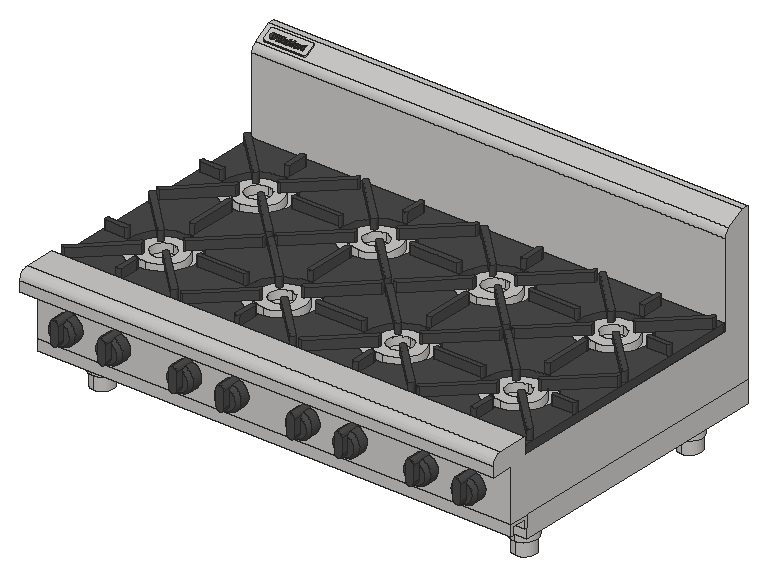
Revit family "QF_MOFFAT WALDORF_RN8800G-B", category Specialty Equipment, Revit 2012
Parameters
  Weight in Pounds = 348.33
  URL Cutsheet = "www.moffat.com"
  URL = "www.moffat.com"
  Type Mark [instance] = ""
  Status [instance] = ""
  Specification by User [instance] = ""
  Specification by Manufacturer = ""
  Show Logo [instance] = yes
  Serial Number = ""
  Seismic Rating = ""
  SMACNA No = ""
  Revision Code [instance] = ""
  Omniclass Number and Title = ""
  NAFEM Spec ID Number = ""
  Model = "RN8800G-B"
  Mechanical Remarks [instance] = ""
  Mechanical Connection Type [instance] = ""
  Masterspec = ""
  Manufacturer = "MOFFAT WALDORF"
  Item Number [instance] = ""
  Installed By [instance] = ""
  Identify Quantity as Lot [instance] = yes
  Gas Size = 3/4"
  Gas RI Height [instance] = 0.0 mm
  Gas KW [instance] = 62.2
  Gas Input [instance] = 212311.0 Btu/h
  Gas Connection Height = 0.0 mm
  Furnished By [instance] = ""
  Foodservice Equipment Identifier [instance] = yes
  Description = "COOK TOP GAS BENCH MOUNT"
  CSI MasterFormat = ""
  CSI Master Format = ""
  Base Height [instance] = 80.0 mm
Reference planes
  plane 1 "BACK": y = 0
  plane 2: z = 0
  plane 3 "LEFT": x = 0
  plane 4 "RIGHT": x = 1200
  plane 5 "FRONT": y = -805
  plane 6 "TOP": z = 530
  plane 7 "Center Y": x = 600
  plane 8 "Center X": y = -402.5
  plane 9 "Base Height": z = 80
  plane 10: x = 65.8
  plane 11: x = 1134
  plane 12: x = 65
Forms (mm)
  Extrusion 1, solid, material "QF_Finishes_Stainless Steel"
    sketch origin (0, 0, 0) x (0, 1, 0) y (0, 0, 1)
      loop
        line (-805, 291) -> (-805, 266) -> (-749, 266) -> (-749, 135) -> (0, 135) -> (0, 530) -> (-16.5, 530) -> (-58.709, 505.631)
        arc (-58.709, 505.631) -> (-66.975, 497.365) -> (-70, 486.074) r 22.582
        line (-70, 486.074) -> (-70, 275) -> (-705, 275) -> (-705, 315) -> (-781, 315)
        arc (-781, 315) -> (-797.971, 307.971) -> (-805, 291) r 24
      loop
        line (0, 80) -> (0, 134.206) -> (-699, 134.206) -> (-699, 80) -> (0, 80)
      loop
        line (-749, 134.206) -> (-749, 107.019) -> (-742.6, 107.019) -> (-742.6, 127.806) -> (-706.4, 127.806) -> (-706.4, 107.019) -> (-700, 107.019) -> (-700, 134.206) -> (-749, 134.206)
    from 0 to 1200
  Revolve 2, solid, material "QF_Finishes_Stainless Steel"
    sketch origin (1134, -210, 0) x (0, 1, 0) y (0, 0, -1)
      loop
        line (78.25, -80) -> (110, -80) -> (110, 0) -> (82.5, 0) -> (82.5, -35) -> (78.25, -35) -> (78.25, -80)
      axis (110, -80) -> (110, 0)
    angle from 0 to 360
  Revolve 3, solid, material "QF_Finishes_Stainless Steel"
    sketch origin (65, -210, 0) x (0, 1, 0) y (0, 0, 1)
      loop
        line (78.25, 80) -> (78.25, 35) -> (82.5, 35) -> (82.5, 0) -> (110, 0) -> (110, 80) -> (78.25, 80)
      axis (110, 80) -> (110, 0)
    angle from 0 to 360
  Revolve 4, solid, material "QF_Finishes_Black"
    sketch origin (210, 0, 0) x (0, -1, 0) y (0, 0, 1)
      loop
        line (782, 229.605) -> (759, 229.605) -> (759, 202.105) -> (749, 202.105) -> (749, 197.105) -> (793, 197.105) -> (793, 223.757) -> (782, 229.605)
      axis (793, 197.105) -> (749, 197.105)
    angle from 0 to 360
  Extrusion 5, solid, material "QF_Finishes_Black"
    sketch origin (-78.431, 0, -103.997) x (1, 0, 0) y (0, 0, 1)
      loop
        line (298.431, 289) -> (298.431, 327.997)
        arc (298.431, 327.997) -> (288.431, 337.997) -> (278.431, 327.997) r 10
        line (278.431, 327.997) -> (278.431, 289)
        arc (278.431, 289) -> (288.431, 279) -> (298.431, 289) r 10
    from 759 to 808
  Extrusion 6, solid, material "QF_Finishes_Stainless Steel"
    sketch origin (705, 3, -500) x (1, 0, 0) y (0, 1, 0)
      loop
        circle (365, -35) r 13.5
    from 555 to 580
  Revolve 7, solid, material "QF_Finishes_Black"
    sketch origin (89.999, 0, -0.127) x (0, 1, 0) y (0, 0, -1)
      loop
        line (-782, -229.5) -> (-759, -229.5) -> (-759, -202) -> (-749, -202) -> (-749, -197) -> (-793, -197) -> (-793, -223.651) -> (-782, -229.5)
      axis (-793, -197) -> (-749, -197)
    angle from 0 to 360
  Extrusion 8, solid, material "QF_Finishes_Black"
    sketch origin (228.269, 0, 0.031) x (-1, 0, 0) y (0, 0, -1)
      loop
        arc (148.269, -184.969) -> (138.269, -174.969) -> (128.269, -184.969) r 10
        line (128.269, -184.969) -> (128.269, -223.969)
        arc (128.269, -223.969) -> (138.269, -233.969) -> (148.269, -223.969) r 10
        line (148.269, -223.969) -> (148.269, -184.969)
    from 759 to 808
  Extrusion 9, solid, material "QF_Finishes_Black"
    sketch origin (0, -70, 275) x (0, -1, 0) y (1, 0, 0)
      loop
        arc (1, 4) -> (1.879, 1.879) -> (4, 1) r 3
        line (4, 1) -> (631, 1)
        arc (631, 1) -> (633.121, 1.879) -> (634, 4) r 3
        line (634, 4) -> (634, 1196)
        arc (634, 1196) -> (633.121, 1198.121) -> (631, 1199) r 3
        line (631, 1199) -> (4, 1199)
        arc (4, 1199) -> (1.879, 1198.121) -> (1, 1196) r 3
        line (1, 1196) -> (1, 4)
      loop
        circle (167.5, 150) r 84.082
      loop
        circle (467.5, 150) r 84.082
      loop
        circle (467.5, 1050) r 84.082
      loop
        circle (167.5, 1050) r 84.082
      loop
        circle (167.5, 450) r 84.082
      loop
        circle (467.5, 450) r 84.082
      loop
        circle (167.5, 750) r 84.082
      loop
        circle (467.5, 750) r 84.082
    from 0 to 19.5
  Extrusion 10, solid, material "QF_Finishes_Black"
    sketch origin (0, -70, 294.5) x (0, -1, 0) y (1, 0, 0)
      loop
        spline (323.602, 15.153) -> (322.681, 13.924) -> (322.131, 12.47) -> (321.99, 10.89) -> (322.267, 9.292) -> (322.943, 7.786) -> (323.973, 6.473) -> (325.286, 5.443) -> (326.792, 4.767) -> (328.39, 4.49) -> (329.97, 4.631) -> (331.424, 5.181) -> (332.653, 6.102)
        line (332.653, 6.102) -> (440.576, 114.025)
        spline (440.576, 114.025) -> (441.337, 115.095) -> (441.738, 116.399) -> (441.751, 117.851) -> (441.375, 119.35) -> (440.637, 120.795) -> (439.586, 122.086) -> (438.295, 123.137) -> (436.85, 123.875) -> (435.351, 124.251) -> (433.899, 124.238) -> (432.595, 123.837) -> (431.525, 123.076)
        line (431.525, 123.076) -> (323.602, 15.153)
      loop
        spline (259.398, 156.4) -> (258.104, 156.182) -> (256.898, 155.543) -> (255.862, 154.525) -> (255.068, 153.2) -> (254.568, 151.656) -> (254.398, 150) -> (254.568, 148.344) -> (255.068, 146.8) -> (255.862, 145.475) -> (256.898, 144.457) -> (258.104, 143.818) -> (259.398, 143.6)
        line (259.398, 143.6) -> (375.602, 143.6)
        spline (375.602, 143.6) -> (376.896, 143.818) -> (378.102, 144.457) -> (379.138, 145.475) -> (379.932, 146.8) -> (380.432, 148.344) -> (380.602, 150) -> (380.432, 151.656) -> (379.932, 153.2) -> (379.138, 154.525) -> (378.102, 155.543) -> (376.896, 156.182) -> (375.602, 156.4)
        line (375.602, 156.4) -> (259.398, 156.4)
      loop
        spline (608.602, 143.6) -> (609.896, 143.818) -> (611.102, 144.457) -> (612.138, 145.475) -> (612.932, 146.8) -> (613.432, 148.344) -> (613.602, 150) -> (613.432, 151.656) -> (612.932, 153.2) -> (612.138, 154.525) -> (611.102, 155.543) -> (609.896, 156.182) -> (608.602, 156.4)
        line (608.602, 156.4) -> (559.398, 156.4)
        spline (559.398, 156.4) -> (558.104, 156.182) -> (556.898, 155.543) -> (555.862, 154.525) -> (555.068, 153.2) -> (554.568, 151.656) -> (554.398, 150) -> (554.568, 148.344) -> (555.068, 146.8) -> (555.862, 145.475) -> (556.898, 144.457) -> (558.104, 143.818) -> (559.398, 143.6)
        line (559.398, 143.6) -> (608.602, 143.6)
      loop
        line (611.398, 15.153) -> (503.475, 123.076)
        spline (503.475, 123.076) -> (502.405, 123.837) -> (501.101, 124.238) -> (499.649, 124.251) -> (498.15, 123.875) -> (496.705, 123.137) -> (495.414, 122.086) -> (494.363, 120.795) -> (493.625, 119.35) -> (493.249, 117.851) -> (493.262, 116.399) -> (493.663, 115.095) -> (494.424, 114.025)
        line (494.424, 114.025) -> (602.347, 6.102)
        spline (602.347, 6.102) -> (603.416, 5.341) -> (604.721, 4.941) -> (606.172, 4.928) -> (607.671, 5.303) -> (609.116, 6.041) -> (610.408, 7.092) -> (611.459, 8.384) -> (612.197, 9.829) -> (612.572, 11.328) -> (612.559, 12.779) -> (612.159, 14.084) -> (611.398, 15.153)
      loop
        line (473.9, 8.898) -> (473.9, 58.102)
        spline (473.9, 58.102) -> (473.682, 59.396) -> (473.043, 60.602) -> (472.025, 61.638) -> (470.7, 62.432) -> (469.156, 62.932) -> (467.5, 63.102) -> (465.844, 62.932) -> (464.3, 62.432) -> (462.975, 61.638) -> (461.957, 60.602) -> (461.318, 59.396) -> (461.1, 58.102)
        line (461.1, 58.102) -> (461.1, 8.898)
        spline (461.1, 8.898) -> (461.318, 7.604) -> (461.957, 6.398) -> (462.975, 5.362) -> (464.3, 4.568) -> (465.844, 4.068) -> (467.5, 3.898) -> (469.156, 4.068) -> (470.7, 4.568) -> (472.025, 5.362) -> (473.043, 6.398) -> (473.682, 7.604) -> (473.9, 8.898)
      loop
        spline (23.602, 15.153) -> (22.681, 13.924) -> (22.131, 12.47) -> (21.99, 10.89) -> (22.267, 9.292) -> (22.943, 7.786) -> (23.973, 6.473) -> (25.286, 5.443) -> (26.792, 4.767) -> (28.39, 4.49) -> (29.97, 4.631) -> (31.424, 5.181) -> (32.653, 6.102)
        line (32.653, 6.102) -> (140.576, 114.025)
        spline (140.576, 114.025) -> (141.337, 115.095) -> (141.738, 116.399) -> (141.751, 117.851) -> (141.375, 119.35) -> (140.637, 120.795) -> (139.586, 122.086) -> (138.295, 123.137) -> (136.85, 123.875) -> (135.351, 124.251) -> (133.899, 124.238) -> (132.595, 123.837) -> (131.525, 123.076)
        line (131.525, 123.076) -> (23.602, 15.153)
      loop
        spline (26.398, 156.4) -> (25.104, 156.182) -> (23.898, 155.543) -> (22.862, 154.525) -> (22.068, 153.2) -> (21.568, 151.656) -> (21.398, 150) -> (21.568, 148.344) -> (22.068, 146.8) -> (22.862, 145.475) -> (23.898, 144.457) -> (25.104, 143.818) -> (26.398, 143.6)
        line (26.398, 143.6) -> (75.602, 143.6)
        spline (75.602, 143.6) -> (76.896, 143.818) -> (78.102, 144.457) -> (79.138, 145.475) -> (79.932, 146.8) -> (80.432, 148.344) -> (80.602, 150) -> (80.432, 151.656) -> (79.932, 153.2) -> (79.138, 154.525) -> (78.102, 155.543) -> (76.896, 156.182) -> (75.602, 156.4)
        line (75.602, 156.4) -> (26.398, 156.4)
      loop
        line (311.398, 15.153) -> (203.475, 123.076)
        spline (203.475, 123.076) -> (202.405, 123.837) -> (201.101, 124.238) -> (199.649, 124.251) -> (198.15, 123.875) -> (196.705, 123.137) -> (195.414, 122.086) -> (194.363, 120.795) -> (193.625, 119.35) -> (193.249, 117.851) -> (193.262, 116.399) -> (193.663, 115.095) -> (194.424, 114.025)
        line (194.424, 114.025) -> (302.347, 6.102)
        spline (302.347, 6.102) -> (303.416, 5.341) -> (304.721, 4.941) -> (306.172, 4.928) -> (307.671, 5.303) -> (309.116, 6.041) -> (310.408, 7.092) -> (311.459, 8.384) -> (312.197, 9.829) -> (312.572, 11.328) -> (312.559, 12.779) -> (312.159, 14.084) -> (311.398, 15.153)
      loop
        line (173.9, 8.898) -> (173.9, 58.102)
        spline (173.9, 58.102) -> (173.682, 59.396) -> (173.043, 60.602) -> (172.025, 61.638) -> (170.7, 62.432) -> (169.156, 62.932) -> (167.5, 63.102) -> (165.844, 62.932) -> (164.3, 62.432) -> (162.975, 61.638) -> (161.957, 60.602) -> (161.318, 59.396) -> (161.1, 58.102)
        line (161.1, 58.102) -> (161.1, 8.898)
        spline (161.1, 8.898) -> (161.318, 7.604) -> (161.957, 6.398) -> (162.975, 5.362) -> (164.3, 4.568) -> (165.844, 4.068) -> (167.5, 3.898) -> (169.156, 4.068) -> (170.7, 4.568) -> (172.025, 5.362) -> (173.043, 6.398) -> (173.682, 7.604) -> (173.9, 8.898)
      loop
        line (323.602, 284.847) -> (431.525, 176.924)
        spline (431.525, 176.924) -> (432.595, 176.163) -> (433.899, 175.762) -> (435.351, 175.749) -> (436.85, 176.125) -> (438.295, 176.863) -> (439.586, 177.914) -> (440.637, 179.205) -> (441.375, 180.65) -> (441.751, 182.149) -> (441.738, 183.601) -> (441.337, 184.905) -> (440.576, 185.975)
        line (440.576, 185.975) -> (332.653, 293.898)
        spline (332.653, 293.898) -> (331.424, 294.819) -> (329.97, 295.369) -> (328.39, 295.51) -> (326.792, 295.233) -> (325.286, 294.557) -> (323.973, 293.527) -> (322.943, 292.214) -> (322.267, 290.708) -> (321.99, 289.11) -> (322.131, 287.53) -> (322.681, 286.076) -> (323.602, 284.847)
      loop
        spline (611.398, 284.847) -> (612.159, 285.916) -> (612.559, 287.221) -> (612.572, 288.672) -> (612.197, 290.171) -> (611.459, 291.616) -> (610.408, 292.908) -> (609.116, 293.959) -> (607.671, 294.697) -> (606.172, 295.072) -> (604.721, 295.059) -> (603.416, 294.659) -> (602.347, 293.898)
        line (602.347, 293.898) -> (494.424, 185.975)
        spline (494.424, 185.975) -> (493.663, 184.905) -> (493.262, 183.601) -> (493.249, 182.149) -> (493.625, 180.65) -> (494.363, 179.205) -> (495.414, 177.914) -> (496.705, 176.863) -> (498.15, 176.125) -> (499.649, 175.749) -> (501.101, 175.762) -> (502.405, 176.163) -> (503.475, 176.924)
        line (503.475, 176.924) -> (611.398, 284.847)
      loop
        spline (461.1, 241.898) -> (461.318, 240.604) -> (461.957, 239.398) -> (462.975, 238.362) -> (464.3, 237.568) -> (465.844, 237.068) -> (467.5, 236.898) -> (469.156, 237.068) -> (470.7, 237.568) -> (472.025, 238.362) -> (473.043, 239.398) -> (473.682, 240.604) -> (473.9, 241.898)
        line (473.9, 241.898) -> (473.9, 358.102)
        spline (473.9, 358.102) -> (473.682, 359.396) -> (473.043, 360.602) -> (472.025, 361.638) -> (470.7, 362.432) -> (469.156, 362.932) -> (467.5, 363.102) -> (465.844, 362.932) -> (464.3, 362.432) -> (462.975, 361.638) -> (461.957, 360.602) -> (461.318, 359.396) -> (461.1, 358.102)
        line (461.1, 358.102) -> (461.1, 241.898)
      loop
        line (23.602, 284.847) -> (131.525, 176.924)
        spline (131.525, 176.924) -> (132.595, 176.163) -> (133.899, 175.762) -> (135.351, 175.749) -> (136.85, 176.125) -> (138.295, 176.863) -> (139.586, 177.914) -> (140.637, 179.205) -> (141.375, 180.65) -> (141.751, 182.149) -> (141.738, 183.601) -> (141.337, 184.905) -> (140.576, 185.975)
        line (140.576, 185.975) -> (32.653, 293.898)
        spline (32.653, 293.898) -> (31.424, 294.819) -> (29.97, 295.369) -> (28.39, 295.51) -> (26.792, 295.233) -> (25.286, 294.557) -> (23.973, 293.527) -> (22.943, 292.214) -> (22.267, 290.708) -> (21.99, 289.11) -> (22.131, 287.53) -> (22.681, 286.076) -> (23.602, 284.847)
      loop
        spline (311.398, 284.847) -> (312.159, 285.916) -> (312.559, 287.221) -> (312.572, 288.672) -> (312.197, 290.171) -> (311.459, 291.616) -> (310.408, 292.908) -> (309.116, 293.959) -> (307.671, 294.697) -> (306.172, 295.072) -> (304.721, 295.059) -> (303.416, 294.659) -> (302.347, 293.898)
        line (302.347, 293.898) -> (194.424, 185.975)
        spline (194.424, 185.975) -> (193.663, 184.905) -> (193.262, 183.601) -> (193.249, 182.149) -> (193.625, 180.65) -> (194.363, 179.205) -> (195.414, 177.914) -> (196.705, 176.863) -> (198.15, 176.125) -> (199.649, 175.749) -> (201.101, 175.762) -> (202.405, 176.163) -> (203.475, 176.924)
        line (203.475, 176.924) -> (311.398, 284.847)
      loop
        spline (173.9, 358.102) -> (173.682, 359.396) -> (173.043, 360.602) -> (172.025, 361.638) -> (170.7, 362.432) -> (169.156, 362.932) -> (167.5, 363.102) -> (165.844, 362.932) -> (164.3, 362.432) -> (162.975, 361.638) -> (161.957, 360.602) -> (161.318, 359.396) -> (161.1, 358.102)
        line (161.1, 358.102) -> (161.1, 241.898)
        spline (161.1, 241.898) -> (161.318, 240.604) -> (161.957, 239.398) -> (162.975, 238.362) -> (164.3, 237.568) -> (165.844, 237.068) -> (167.5, 236.898) -> (169.156, 237.068) -> (170.7, 237.568) -> (172.025, 238.362) -> (173.043, 239.398) -> (173.682, 240.604) -> (173.9, 241.898)
        line (173.9, 241.898) -> (173.9, 358.102)
      loop
        spline (323.602, 315.153) -> (322.681, 313.924) -> (322.131, 312.47) -> (321.99, 310.89) -> (322.267, 309.292) -> (322.943, 307.786) -> (323.973, 306.473) -> (325.286, 305.443) -> (326.792, 304.767) -> (328.39, 304.49) -> (329.97, 304.631) -> (331.424, 305.181) -> (332.653, 306.102)
        line (332.653, 306.102) -> (440.576, 414.025)
        spline (440.576, 414.025) -> (441.337, 415.095) -> (441.738, 416.399) -> (441.751, 417.851) -> (441.375, 419.35) -> (440.637, 420.795) -> (439.586, 422.086) -> (438.295, 423.137) -> (436.85, 423.875) -> (435.351, 424.251) -> (433.899, 424.238) -> (432.595, 423.837) -> (431.525, 423.076)
        line (431.525, 423.076) -> (323.602, 315.153)
      loop
        spline (259.398, 456.4) -> (258.104, 456.182) -> (256.898, 455.543) -> (255.862, 454.525) -> (255.068, 453.2) -> (254.568, 451.656) -> (254.398, 450) -> (254.568, 448.344) -> (255.068, 446.8) -> (255.862, 445.475) -> (256.898, 444.457) -> (258.104, 443.818) -> (259.398, 443.6)
        line (259.398, 443.6) -> (375.602, 443.6)
        spline (375.602, 443.6) -> (376.896, 443.818) -> (378.102, 444.457) -> (379.138, 445.475) -> (379.932, 446.8) -> (380.432, 448.344) -> (380.602, 450) -> (380.432, 451.656) -> (379.932, 453.2) -> (379.138, 454.525) -> (378.102, 455.543) -> (376.896, 456.182) -> (375.602, 456.4)
        line (375.602, 456.4) -> (259.398, 456.4)
      loop
        spline (608.602, 443.6) -> (609.896, 443.818) -> (611.102, 444.457) -> (612.138, 445.475) -> (612.932, 446.8) -> (613.432, 448.344) -> (613.602, 450) -> (613.432, 451.656) -> (612.932, 453.2) -> (612.138, 454.525) -> (611.102, 455.543) -> (609.896, 456.182) -> (608.602, 456.4)
        line (608.602, 456.4) -> (559.398, 456.4)
        spline (559.398, 456.4) -> (558.104, 456.182) -> (556.898, 455.543) -> (555.862, 454.525) -> (555.068, 453.2) -> (554.568, 451.656) -> (554.398, 450) -> (554.568, 448.344) -> (555.068, 446.8) -> (555.862, 445.475) -> (556.898, 444.457) -> (558.104, 443.818) -> (559.398, 443.6)
        line (559.398, 443.6) -> (608.602, 443.6)
      loop
        line (611.398, 315.153) -> (503.475, 423.076)
        spline (503.475, 423.076) -> (502.405, 423.837) -> (501.101, 424.238) -> (499.649, 424.251) -> (498.15, 423.875) -> (496.705, 423.137) -> (495.414, 422.086) -> (494.363, 420.795) -> (493.625, 419.35) -> (493.249, 417.851) -> (493.262, 416.399) -> (493.663, 415.095) -> (494.424, 414.025)
        line (494.424, 414.025) -> (602.347, 306.102)
        spline (602.347, 306.102) -> (603.416, 305.341) -> (604.721, 304.941) -> (606.172, 304.928) -> (607.671, 305.303) -> (609.116, 306.041) -> (610.408, 307.092) -> (611.459, 308.384) -> (612.197, 309.829) -> (612.572, 311.328) -> (612.559, 312.779) -> (612.159, 314.084) -> (611.398, 315.153)
      loop
        spline (23.602, 315.153) -> (22.681, 313.924) -> (22.131, 312.47) -> (21.99, 310.89) -> (22.267, 309.292) -> (22.943, 307.786) -> (23.973, 306.473) -> (25.286, 305.443) -> (26.792, 304.767) -> (28.39, 304.49) -> (29.97, 304.631) -> (31.424, 305.181) -> (32.653, 306.102)
        line (32.653, 306.102) -> (140.576, 414.025)
        spline (140.576, 414.025) -> (141.337, 415.095) -> (141.738, 416.399) -> (141.751, 417.851) -> (141.375, 419.35) -> (140.637, 420.795) -> (139.586, 422.086) -> (138.295, 423.137) -> (136.85, 423.875) -> (135.351, 424.251) -> (133.899, 424.238) -> (132.595, 423.837) -> (131.525, 423.076)
        line (131.525, 423.076) -> (23.602, 315.153)
      loop
        spline (26.398, 456.4) -> (25.104, 456.182) -> (23.898, 455.543) -> (22.862, 454.525) -> (22.068, 453.2) -> (21.568, 451.656) -> (21.398, 450) -> (21.568, 448.344) -> (22.068, 446.8) -> (22.862, 445.475) -> (23.898, 444.457) -> (25.104, 443.818) -> (26.398, 443.6)
        line (26.398, 443.6) -> (75.602, 443.6)
        spline (75.602, 443.6) -> (76.896, 443.818) -> (78.102, 444.457) -> (79.138, 445.475) -> (79.932, 446.8) -> (80.432, 448.344) -> (80.602, 450) -> (80.432, 451.656) -> (79.932, 453.2) -> (79.138, 454.525) -> (78.102, 455.543) -> (76.896, 456.182) -> (75.602, 456.4)
        line (75.602, 456.4) -> (26.398, 456.4)
      loop
        line (311.398, 315.153) -> (203.475, 423.076)
        spline (203.475, 423.076) -> (202.405, 423.837) -> (201.101, 424.238) -> (199.649, 424.251) -> (198.15, 423.875) -> (196.705, 423.137) -> (195.414, 422.086) -> (194.363, 420.795) -> (193.625, 419.35) -> (193.249, 417.851) -> (193.262, 416.399) -> (193.663, 415.095) -> (194.424, 414.025)
        line (194.424, 414.025) -> (302.347, 306.102)
        spline (302.347, 306.102) -> (303.416, 305.341) -> (304.721, 304.941) -> (306.172, 304.928) -> (307.671, 305.303) -> (309.116, 306.041) -> (310.408, 307.092) -> (311.459, 308.384) -> (312.197, 309.829) -> (312.572, 311.328) -> (312.559, 312.779) -> (312.159, 314.084) -> (311.398, 315.153)
      loop
        line (323.602, 584.847) -> (431.525, 476.924)
        spline (431.525, 476.924) -> (432.595, 476.163) -> (433.899, 475.762) -> (435.351, 475.749) -> (436.85, 476.125) -> (438.295, 476.863) -> (439.586, 477.914) -> (440.637, 479.205) -> (441.375, 480.65) -> (441.751, 482.149) -> (441.738, 483.601) -> (441.337, 484.905) -> (440.576, 485.975)
        line (440.576, 485.975) -> (332.653, 593.898)
        spline (332.653, 593.898) -> (331.424, 594.819) -> (329.97, 595.369) -> (328.39, 595.51) -> (326.792, 595.233) -> (325.286, 594.557) -> (323.973, 593.527) -> (322.943, 592.214) -> (322.267, 590.708) -> (321.99, 589.11) -> (322.131, 587.53) -> (322.681, 586.076) -> (323.602, 584.847)
      loop
        spline (611.398, 584.847) -> (612.159, 585.916) -> (612.559, 587.221) -> (612.572, 588.672) -> (612.197, 590.171) -> (611.459, 591.616) -> (610.408, 592.908) -> (609.116, 593.959) -> (607.671, 594.697) -> (606.172, 595.072) -> (604.721, 595.059) -> (603.416, 594.659) -> (602.347, 593.898)
        line (602.347, 593.898) -> (494.424, 485.975)
        spline (494.424, 485.975) -> (493.663, 484.905) -> (493.262, 483.601) -> (493.249, 482.149) -> (493.625, 480.65) -> (494.363, 479.205) -> (495.414, 477.914) -> (496.705, 476.863) -> (498.15, 476.125) -> (499.649, 475.749) -> (501.101, 475.762) -> (502.405, 476.163) -> (503.475, 476.924)
        line (503.475, 476.924) -> (611.398, 584.847)
      loop
        spline (473.9, 658.102) -> (473.682, 659.396) -> (473.043, 660.602) -> (472.025, 661.638) -> (470.7, 662.432) -> (469.156, 662.932) -> (467.5, 663.102) -> (465.844, 662.932) -> (464.3, 662.432) -> (462.975, 661.638) -> (461.957, 660.602) -> (461.318, 659.396) -> (461.1, 658.102)
        line (461.1, 658.102) -> (461.1, 541.898)
        spline (461.1, 541.898) -> (461.318, 540.604) -> (461.957, 539.398) -> (462.975, 538.362) -> (464.3, 537.568) -> (465.844, 537.068) -> (467.5, 536.898) -> (469.156, 537.068) -> (470.7, 537.568) -> (472.025, 538.362) -> (473.043, 539.398) -> (473.682, 540.604) -> (473.9, 541.898)
        line (473.9, 541.898) -> (473.9, 658.102)
      loop
        line (23.602, 584.847) -> (131.525, 476.924)
        spline (131.525, 476.924) -> (132.595, 476.163) -> (133.899, 475.762) -> (135.351, 475.749) -> (136.85, 476.125) -> (138.295, 476.863) -> (139.586, 477.914) -> (140.637, 479.205) -> (141.375, 480.65) -> (141.751, 482.149) -> (141.738, 483.601) -> (141.337, 484.905) -> (140.576, 485.975)
        line (140.576, 485.975) -> (32.653, 593.898)
        spline (32.653, 593.898) -> (31.424, 594.819) -> (29.97, 595.369) -> (28.39, 595.51) -> (26.792, 595.233) -> (25.286, 594.557) -> (23.973, 593.527) -> (22.943, 592.214) -> (22.267, 590.708) -> (21.99, 589.11) -> (22.131, 587.53) -> (22.681, 586.076) -> (23.602, 584.847)
      loop
        spline (311.398, 584.847) -> (312.159, 585.916) -> (312.559, 587.221) -> (312.572, 588.672) -> (312.197, 590.171) -> (311.459, 591.616) -> (310.408, 592.908) -> (309.116, 593.959) -> (307.671, 594.697) -> (306.172, 595.072) -> (304.721, 595.059) -> (303.416, 594.659) -> (302.347, 593.898)
        line (302.347, 593.898) -> (194.424, 485.975)
        spline (194.424, 485.975) -> (193.663, 484.905) -> (193.262, 483.601) -> (193.249, 482.149) -> (193.625, 480.65) -> (194.363, 479.205) -> (195.414, 477.914) -> (196.705, 476.863) -> (198.15, 476.125) -> (199.649, 475.749) -> (201.101, 475.762) -> (202.405, 476.163) -> (203.475, 476.924)
        line (203.475, 476.924) -> (311.398, 584.847)
      loop
        spline (173.9, 658.102) -> (173.682, 659.396) -> (173.043, 660.602) -> (172.025, 661.638) -> (170.7, 662.432) -> (169.156, 662.932) -> (167.5, 663.102) -> (165.844, 662.932) -> (164.3, 662.432) -> (162.975, 661.638) -> (161.957, 660.602) -> (161.318, 659.396) -> (161.1, 658.102)
        line (161.1, 658.102) -> (161.1, 541.898)
        spline (161.1, 541.898) -> (161.318, 540.604) -> (161.957, 539.398) -> (162.975, 538.362) -> (164.3, 537.568) -> (165.844, 537.068) -> (167.5, 536.898) -> (169.156, 537.068) -> (170.7, 537.568) -> (172.025, 538.362) -> (173.043, 539.398) -> (173.682, 540.604) -> (173.9, 541.898)
        line (173.9, 541.898) -> (173.9, 658.102)
      loop
        line (323.602, 1184.847) -> (431.525, 1076.924)
        spline (431.525, 1076.924) -> (432.595, 1076.163) -> (433.899, 1075.762) -> (435.351, 1075.749) -> (436.85, 1076.125) -> (438.295, 1076.863) -> (439.586, 1077.914) -> (440.637, 1079.205) -> (441.375, 1080.65) -> (441.751, 1082.149) -> (441.738, 1083.601) -> (441.337, 1084.905) -> (440.576, 1085.975)
        line (440.576, 1085.975) -> (332.653, 1193.898)
        spline (332.653, 1193.898) -> (331.424, 1194.819) -> (329.97, 1195.369) -> (328.39, 1195.51) -> (326.792, 1195.233) -> (325.286, 1194.557) -> (323.973, 1193.527) -> (322.943, 1192.214) -> (322.267, 1190.708) -> (321.99, 1189.11) -> (322.131, 1187.53) -> (322.681, 1186.076) -> (323.602, 1184.847)
      loop
        line (259.398, 1043.6) -> (375.602, 1043.6)
        spline (375.602, 1043.6) -> (376.896, 1043.818) -> (378.102, 1044.457) -> (379.138, 1045.475) -> (379.932, 1046.8) -> (380.432, 1048.344) -> (380.602, 1050) -> (380.432, 1051.656) -> (379.932, 1053.2) -> (379.138, 1054.525) -> (378.102, 1055.543) -> (376.896, 1056.182) -> (375.602, 1056.4)
        line (375.602, 1056.4) -> (259.398, 1056.4)
        spline (259.398, 1056.4) -> (258.104, 1056.182) -> (256.898, 1055.543) -> (255.862, 1054.525) -> (255.068, 1053.2) -> (254.568, 1051.656) -> (254.398, 1050) -> (254.568, 1048.344) -> (255.068, 1046.8) -> (255.862, 1045.475) -> (256.898, 1044.457) -> (258.104, 1043.818) -> (259.398, 1043.6)
      loop
        line (608.602, 1056.4) -> (559.398, 1056.4)
        spline (559.398, 1056.4) -> (558.104, 1056.182) -> (556.898, 1055.543) -> (555.862, 1054.525) -> (555.068, 1053.2) -> (554.568, 1051.656) -> (554.398, 1050) -> (554.568, 1048.344) -> (555.068, 1046.8) -> (555.862, 1045.475) -> (556.898, 1044.457) -> (558.104, 1043.818) -> (559.398, 1043.6)
        line (559.398, 1043.6) -> (608.602, 1043.6)
        spline (608.602, 1043.6) -> (609.896, 1043.818) -> (611.102, 1044.457) -> (612.138, 1045.475) -> (612.932, 1046.8) -> (613.432, 1048.344) -> (613.602, 1050) -> (613.432, 1051.656) -> (612.932, 1053.2) -> (612.138, 1054.525) -> (611.102, 1055.543) -> (609.896, 1056.182) -> (608.602, 1056.4)
      loop
        spline (611.398, 1184.847) -> (612.159, 1185.916) -> (612.559, 1187.221) -> (612.572, 1188.672) -> (612.197, 1190.171) -> (611.459, 1191.616) -> (610.408, 1192.908) -> (609.116, 1193.959) -> (607.671, 1194.697) -> (606.172, 1195.072) -> (604.721, 1195.059) -> (603.416, 1194.659) -> (602.347, 1193.898)
        line (602.347, 1193.898) -> (494.424, 1085.975)
        spline (494.424, 1085.975) -> (493.663, 1084.905) -> (493.262, 1083.601) -> (493.249, 1082.149) -> (493.625, 1080.65) -> (494.363, 1079.205) -> (495.414, 1077.914) -> (496.705, 1076.863) -> (498.15, 1076.125) -> (499.649, 1075.749) -> (501.101, 1075.762) -> (502.405, 1076.163) -> (503.475, 1076.924)
        line (503.475, 1076.924) -> (611.398, 1184.847)
      loop
        spline (473.9, 1191.102) -> (473.682, 1192.396) -> (473.043, 1193.602) -> (472.025, 1194.638) -> (470.7, 1195.432) -> (469.156, 1195.932) -> (467.5, 1196.102) -> (465.844, 1195.932) -> (464.3, 1195.432) -> (462.975, 1194.638) -> (461.957, 1193.602) -> (461.318, 1192.396) -> (461.1, 1191.102)
        line (461.1, 1191.102) -> (461.1, 1141.898)
        spline (461.1, 1141.898) -> (461.318, 1140.604) -> (461.957, 1139.398) -> (462.975, 1138.362) -> (464.3, 1137.568) -> (465.844, 1137.068) -> (467.5, 1136.898) -> (469.156, 1137.068) -> (470.7, 1137.568) -> (472.025, 1138.362) -> (473.043, 1139.398) -> (473.682, 1140.604) -> (473.9, 1141.898)
        line (473.9, 1141.898) -> (473.9, 1191.102)
      loop
        line (23.602, 1184.847) -> (131.525, 1076.924)
        spline (131.525, 1076.924) -> (132.595, 1076.163) -> (133.899, 1075.762) -> (135.351, 1075.749) -> (136.85, 1076.125) -> (138.295, 1076.863) -> (139.586, 1077.914) -> (140.637, 1079.205) -> (141.375, 1080.65) -> (141.751, 1082.149) -> (141.738, 1083.601) -> (141.337, 1084.905) -> (140.576, 1085.975)
        line (140.576, 1085.975) -> (32.653, 1193.898)
        spline (32.653, 1193.898) -> (31.424, 1194.819) -> (29.97, 1195.369) -> (28.39, 1195.51) -> (26.792, 1195.233) -> (25.286, 1194.557) -> (23.973, 1193.527) -> (22.943, 1192.214) -> (22.267, 1190.708) -> (21.99, 1189.11) -> (22.131, 1187.53) -> (22.681, 1186.076) -> (23.602, 1184.847)
      loop
        line (26.398, 1043.6) -> (75.602, 1043.6)
        spline (75.602, 1043.6) -> (76.896, 1043.818) -> (78.102, 1044.457) -> (79.138, 1045.475) -> (79.932, 1046.8) -> (80.432, 1048.344) -> (80.602, 1050) -> (80.432, 1051.656) -> (79.932, 1053.2) -> (79.138, 1054.525) -> (78.102, 1055.543) -> (76.896, 1056.182) -> (75.602, 1056.4)
        line (75.602, 1056.4) -> (26.398, 1056.4)
        spline (26.398, 1056.4) -> (25.104, 1056.182) -> (23.898, 1055.543) -> (22.862, 1054.525) -> (22.068, 1053.2) -> (21.568, 1051.656) -> (21.398, 1050) -> (21.568, 1048.344) -> (22.068, 1046.8) -> (22.862, 1045.475) -> (23.898, 1044.457) -> (25.104, 1043.818) -> (26.398, 1043.6)
      loop
        spline (311.398, 1184.847) -> (312.159, 1185.916) -> (312.559, 1187.221) -> (312.572, 1188.672) -> (312.197, 1190.171) -> (311.459, 1191.616) -> (310.408, 1192.908) -> (309.116, 1193.959) -> (307.671, 1194.697) -> (306.172, 1195.072) -> (304.721, 1195.059) -> (303.416, 1194.659) -> (302.347, 1193.898)
        line (302.347, 1193.898) -> (194.424, 1085.975)
        spline (194.424, 1085.975) -> (193.663, 1084.905) -> (193.262, 1083.601) -> (193.249, 1082.149) -> (193.625, 1080.65) -> (194.363, 1079.205) -> (195.414, 1077.914) -> (196.705, 1076.863) -> (198.15, 1076.125) -> (199.649, 1075.749) -> (201.101, 1075.762) -> (202.405, 1076.163) -> (203.475, 1076.924)
        line (203.475, 1076.924) -> (311.398, 1184.847)
      loop
        spline (173.9, 1191.102) -> (173.682, 1192.396) -> (173.043, 1193.602) -> (172.025, 1194.638) -> (170.7, 1195.432) -> (169.156, 1195.932) -> (167.5, 1196.102) -> (165.844, 1195.932) -> (164.3, 1195.432) -> (162.975, 1194.638) -> (161.957, 1193.602) -> (161.318, 1192.396) -> (161.1, 1191.102)
        line (161.1, 1191.102) -> (161.1, 1141.898)
        spline (161.1, 1141.898) -> (161.318, 1140.604) -> (161.957, 1139.398) -> (162.975, 1138.362) -> (164.3, 1137.568) -> (165.844, 1137.068) -> (167.5, 1136.898) -> (169.156, 1137.068) -> (170.7, 1137.568) -> (172.025, 1138.362) -> (173.043, 1139.398) -> (173.682, 1140.604) -> (173.9, 1141.898)
        line (173.9, 1141.898) -> (173.9, 1191.102)
      loop
        spline (323.602, 915.153) -> (322.681, 913.924) -> (322.131, 912.47) -> (321.99, 910.89) -> (322.267, 909.292) -> (322.943, 907.786) -> (323.973, 906.473) -> (325.286, 905.443) -> (326.792, 904.767) -> (328.39, 904.49) -> (329.97, 904.631) -> (331.424, 905.181) -> (332.653, 906.102)
        line (332.653, 906.102) -> (440.576, 1014.025)
        spline (440.576, 1014.025) -> (441.337, 1015.095) -> (441.738, 1016.399) -> (441.751, 1017.851) -> (441.375, 1019.35) -> (440.637, 1020.795) -> (439.586, 1022.086) -> (438.295, 1023.137) -> (436.85, 1023.875) -> (435.351, 1024.251) -> (433.899, 1024.238) -> (432.595, 1023.837) -> (431.525, 1023.076)
        line (431.525, 1023.076) -> (323.602, 915.153)
      loop
        line (611.398, 915.153) -> (503.475, 1023.076)
        spline (503.475, 1023.076) -> (502.405, 1023.837) -> (501.101, 1024.238) -> (499.649, 1024.251) -> (498.15, 1023.875) -> (496.705, 1023.137) -> (495.414, 1022.086) -> (494.363, 1020.795) -> (493.625, 1019.35) -> (493.249, 1017.851) -> (493.262, 1016.399) -> (493.663, 1015.095) -> (494.424, 1014.025)
        line (494.424, 1014.025) -> (602.347, 906.102)
        spline (602.347, 906.102) -> (603.416, 905.341) -> (604.721, 904.941) -> (606.172, 904.928) -> (607.671, 905.303) -> (609.116, 906.041) -> (610.408, 907.092) -> (611.459, 908.384) -> (612.197, 909.829) -> (612.572, 911.328) -> (612.559, 912.779) -> (612.159, 914.084) -> (611.398, 915.153)
      loop
        line (461.1, 958.102) -> (461.1, 841.898)
        spline (461.1, 841.898) -> (461.318, 840.604) -> (461.957, 839.398) -> (462.975, 838.362) -> (464.3, 837.568) -> (465.844, 837.068) -> (467.5, 836.898) -> (469.156, 837.068) -> (470.7, 837.568) -> (472.025, 838.362) -> (473.043, 839.398) -> (473.682, 840.604) -> (473.9, 841.898)
        line (473.9, 841.898) -> (473.9, 958.102)
        spline (473.9, 958.102) -> (473.682, 959.396) -> (473.043, 960.602) -> (472.025, 961.638) -> (470.7, 962.432) -> (469.156, 962.932) -> (467.5, 963.102) -> (465.844, 962.932) -> (464.3, 962.432) -> (462.975, 961.638) -> (461.957, 960.602) -> (461.318, 959.396) -> (461.1, 958.102)
      loop
        spline (23.602, 915.153) -> (22.681, 913.924) -> (22.131, 912.47) -> (21.99, 910.89) -> (22.267, 909.292) -> (22.943, 907.786) -> (23.973, 906.473) -> (25.286, 905.443) -> (26.792, 904.767) -> (28.39, 904.49) -> (29.97, 904.631) -> (31.424, 905.181) -> (32.653, 906.102)
        line (32.653, 906.102) -> (140.576, 1014.025)
        spline (140.576, 1014.025) -> (141.337, 1015.095) -> (141.738, 1016.399) -> (141.751, 1017.851) -> (141.375, 1019.35) -> (140.637, 1020.795) -> (139.586, 1022.086) -> (138.295, 1023.137) -> (136.85, 1023.875) -> (135.351, 1024.251) -> (133.899, 1024.238) -> (132.595, 1023.837) -> (131.525, 1023.076)
        line (131.525, 1023.076) -> (23.602, 915.153)
      loop
        line (311.398, 915.153) -> (203.475, 1023.076)
        spline (203.475, 1023.076) -> (202.405, 1023.837) -> (201.101, 1024.238) -> (199.649, 1024.251) -> (198.15, 1023.875) -> (196.705, 1023.137) -> (195.414, 1022.086) -> (194.363, 1020.795) -> (193.625, 1019.35) -> (193.249, 1017.851) -> (193.262, 1016.399) -> (193.663, 1015.095) -> (194.424, 1014.025)
        line (194.424, 1014.025) -> (302.347, 906.102)
        spline (302.347, 906.102) -> (303.416, 905.341) -> (304.721, 904.941) -> (306.172, 904.928) -> (307.671, 905.303) -> (309.116, 906.041) -> (310.408, 907.092) -> (311.459, 908.384) -> (312.197, 909.829) -> (312.572, 911.328) -> (312.559, 912.779) -> (312.159, 914.084) -> (311.398, 915.153)
      loop
        line (173.9, 841.898) -> (173.9, 958.102)
        spline (173.9, 958.102) -> (173.682, 959.396) -> (173.043, 960.602) -> (172.025, 961.638) -> (170.7, 962.432) -> (169.156, 962.932) -> (167.5, 963.102) -> (165.844, 962.932) -> (164.3, 962.432) -> (162.975, 961.638) -> (161.957, 960.602) -> (161.318, 959.396) -> (161.1, 958.102)
        line (161.1, 958.102) -> (161.1, 841.898)
        spline (161.1, 841.898) -> (161.318, 840.604) -> (161.957, 839.398) -> (162.975, 838.362) -> (164.3, 837.568) -> (165.844, 837.068) -> (167.5, 836.898) -> (169.156, 837.068) -> (170.7, 837.568) -> (172.025, 838.362) -> (173.043, 839.398) -> (173.682, 840.604) -> (173.9, 841.898)
      loop
        line (323.602, 884.847) -> (431.525, 776.924)
        spline (431.525, 776.924) -> (432.595, 776.163) -> (433.899, 775.762) -> (435.351, 775.749) -> (436.85, 776.125) -> (438.295, 776.863) -> (439.586, 777.914) -> (440.637, 779.205) -> (441.375, 780.65) -> (441.751, 782.149) -> (441.738, 783.601) -> (441.337, 784.905) -> (440.576, 785.975)
        line (440.576, 785.975) -> (332.653, 893.898)
        spline (332.653, 893.898) -> (331.424, 894.819) -> (329.97, 895.369) -> (328.39, 895.51) -> (326.792, 895.233) -> (325.286, 894.557) -> (323.973, 893.527) -> (322.943, 892.214) -> (322.267, 890.708) -> (321.99, 889.11) -> (322.131, 887.53) -> (322.681, 886.076) -> (323.602, 884.847)
      loop
        line (259.398, 743.6) -> (375.602, 743.6)
        spline (375.602, 743.6) -> (376.896, 743.818) -> (378.102, 744.457) -> (379.138, 745.475) -> (379.932, 746.8) -> (380.432, 748.344) -> (380.602, 750) -> (380.432, 751.656) -> (379.932, 753.2) -> (379.138, 754.525) -> (378.102, 755.543) -> (376.896, 756.182) -> (375.602, 756.4)
        line (375.602, 756.4) -> (259.398, 756.4)
        spline (259.398, 756.4) -> (258.104, 756.182) -> (256.898, 755.543) -> (255.862, 754.525) -> (255.068, 753.2) -> (254.568, 751.656) -> (254.398, 750) -> (254.568, 748.344) -> (255.068, 746.8) -> (255.862, 745.475) -> (256.898, 744.457) -> (258.104, 743.818) -> (259.398, 743.6)
      loop
        line (608.602, 756.4) -> (559.398, 756.4)
        spline (559.398, 756.4) -> (558.104, 756.182) -> (556.898, 755.543) -> (555.862, 754.525) -> (555.068, 753.2) -> (554.568, 751.656) -> (554.398, 750) -> (554.568, 748.344) -> (555.068, 746.8) -> (555.862, 745.475) -> (556.898, 744.457) -> (558.104, 743.818) -> (559.398, 743.6)
        line (559.398, 743.6) -> (608.602, 743.6)
        spline (608.602, 743.6) -> (609.896, 743.818) -> (611.102, 744.457) -> (612.138, 745.475) -> (612.932, 746.8) -> (613.432, 748.344) -> (613.602, 750) -> (613.432, 751.656) -> (612.932, 753.2) -> (612.138, 754.525) -> (611.102, 755.543) -> (609.896, 756.182) -> (608.602, 756.4)
      loop
        spline (611.398, 884.847) -> (612.159, 885.916) -> (612.559, 887.221) -> (612.572, 888.672) -> (612.197, 890.171) -> (611.459, 891.616) -> (610.408, 892.908) -> (609.116, 893.959) -> (607.671, 894.697) -> (606.172, 895.072) -> (604.721, 895.059) -> (603.416, 894.659) -> (602.347, 893.898)
        line (602.347, 893.898) -> (494.424, 785.975)
        spline (494.424, 785.975) -> (493.663, 784.905) -> (493.262, 783.601) -> (493.249, 782.149) -> (493.625, 780.65) -> (494.363, 779.205) -> (495.414, 777.914) -> (496.705, 776.863) -> (498.15, 776.125) -> (499.649, 775.749) -> (501.101, 775.762) -> (502.405, 776.163) -> (503.475, 776.924)
        line (503.475, 776.924) -> (611.398, 884.847)
      loop
        line (23.602, 884.847) -> (131.525, 776.924)
        spline (131.525, 776.924) -> (132.595, 776.163) -> (133.899, 775.762) -> (135.351, 775.749) -> (136.85, 776.125) -> (138.295, 776.863) -> (139.586, 777.914) -> (140.637, 779.205) -> (141.375, 780.65) -> (141.751, 782.149) -> (141.738, 783.601) -> (141.337, 784.905) -> (140.576, 785.975)
        line (140.576, 785.975) -> (32.653, 893.898)
        spline (32.653, 893.898) -> (31.424, 894.819) -> (29.97, 895.369) -> (28.39, 895.51) -> (26.792, 895.233) -> (25.286, 894.557) -> (23.973, 893.527) -> (22.943, 892.214) -> (22.267, 890.708) -> (21.99, 889.11) -> (22.131, 887.53) -> (22.681, 886.076) -> (23.602, 884.847)
      loop
        line (26.398, 743.6) -> (75.602, 743.6)
        spline (75.602, 743.6) -> (76.896, 743.818) -> (78.102, 744.457) -> (79.138, 745.475) -> (79.932, 746.8) -> (80.432, 748.344) -> (80.602, 750) -> (80.432, 751.656) -> (79.932, 753.2) -> (79.138, 754.525) -> (78.102, 755.543) -> (76.896, 756.182) -> (75.602, 756.4)
        line (75.602, 756.4) -> (26.398, 756.4)
        spline (26.398, 756.4) -> (25.104, 756.182) -> (23.898, 755.543) -> (22.862, 754.525) -> (22.068, 753.2) -> (21.568, 751.656) -> (21.398, 750) -> (21.568, 748.344) -> (22.068, 746.8) -> (22.862, 745.475) -> (23.898, 744.457) -> (25.104, 743.818) -> (26.398, 743.6)
      loop
        spline (311.398, 884.847) -> (312.159, 885.916) -> (312.559, 887.221) -> (312.572, 888.672) -> (312.197, 890.171) -> (311.459, 891.616) -> (310.408, 892.908) -> (309.116, 893.959) -> (307.671, 894.697) -> (306.172, 895.072) -> (304.721, 895.059) -> (303.416, 894.659) -> (302.347, 893.898)
        line (302.347, 893.898) -> (194.424, 785.975)
        spline (194.424, 785.975) -> (193.663, 784.905) -> (193.262, 783.601) -> (193.249, 782.149) -> (193.625, 780.65) -> (194.363, 779.205) -> (195.414, 777.914) -> (196.705, 776.863) -> (198.15, 776.125) -> (199.649, 775.749) -> (201.101, 775.762) -> (202.405, 776.163) -> (203.475, 776.924)
        line (203.475, 776.924) -> (311.398, 884.847)
      loop
        spline (323.602, 615.153) -> (322.681, 613.924) -> (322.131, 612.47) -> (321.99, 610.89) -> (322.267, 609.292) -> (322.943, 607.786) -> (323.973, 606.473) -> (325.286, 605.443) -> (326.792, 604.767) -> (328.39, 604.49) -> (329.97, 604.631) -> (331.424, 605.181) -> (332.653, 606.102)
        line (332.653, 606.102) -> (440.576, 714.025)
        spline (440.576, 714.025) -> (441.337, 715.095) -> (441.738, 716.399) -> (441.751, 717.851) -> (441.375, 719.35) -> (440.637, 720.795) -> (439.586, 722.086) -> (438.295, 723.137) -> (436.85, 723.875) -> (435.351, 724.251) -> (433.899, 724.238) -> (432.595, 723.837) -> (431.525, 723.076)
        line (431.525, 723.076) -> (323.602, 615.153)
      loop
        line (611.398, 615.153) -> (503.475, 723.076)
        spline (503.475, 723.076) -> (502.405, 723.837) -> (501.101, 724.238) -> (499.649, 724.251) -> (498.15, 723.875) -> (496.705, 723.137) -> (495.414, 722.086) -> (494.363, 720.795) -> (493.625, 719.35) -> (493.249, 717.851) -> (493.262, 716.399) -> (493.663, 715.095) -> (494.424, 714.025)
        line (494.424, 714.025) -> (602.347, 606.102)
        spline (602.347, 606.102) -> (603.416, 605.341) -> (604.721, 604.941) -> (606.172, 604.928) -> (607.671, 605.303) -> (609.116, 606.041) -> (610.408, 607.092) -> (611.459, 608.384) -> (612.197, 609.829) -> (612.572, 611.328) -> (612.559, 612.779) -> (612.159, 614.084) -> (611.398, 615.153)
      loop
        spline (23.602, 615.153) -> (22.681, 613.924) -> (22.131, 612.47) -> (21.99, 610.89) -> (22.267, 609.292) -> (22.943, 607.786) -> (23.973, 606.473) -> (25.286, 605.443) -> (26.792, 604.767) -> (28.39, 604.49) -> (29.97, 604.631) -> (31.424, 605.181) -> (32.653, 606.102)
        line (32.653, 606.102) -> (140.576, 714.025)
        spline (140.576, 714.025) -> (141.337, 715.095) -> (141.738, 716.399) -> (141.751, 717.851) -> (141.375, 719.35) -> (140.637, 720.795) -> (139.586, 722.086) -> (138.295, 723.137) -> (136.85, 723.875) -> (135.351, 724.251) -> (133.899, 724.238) -> (132.595, 723.837) -> (131.525, 723.076)
        line (131.525, 723.076) -> (23.602, 615.153)
      loop
        line (311.398, 615.153) -> (203.475, 723.076)
        spline (203.475, 723.076) -> (202.405, 723.837) -> (201.101, 724.238) -> (199.649, 724.251) -> (198.15, 723.875) -> (196.705, 723.137) -> (195.414, 722.086) -> (194.363, 720.795) -> (193.625, 719.35) -> (193.249, 717.851) -> (193.262, 716.399) -> (193.663, 715.095) -> (194.424, 714.025)
        line (194.424, 714.025) -> (302.347, 606.102)
        spline (302.347, 606.102) -> (303.416, 605.341) -> (304.721, 604.941) -> (306.172, 604.928) -> (307.671, 605.303) -> (309.116, 606.041) -> (310.408, 607.092) -> (311.459, 608.384) -> (312.197, 609.829) -> (312.572, 611.328) -> (312.559, 612.779) -> (312.159, 614.084) -> (311.398, 615.153)
    from 0 to 23.5
  Revolve 11, solid, material "QF_Finishes_Black"
    sketch origin (510, 0, 0) x (0, -1, 0) y (0, 0, 1)
      loop
        line (782, 229.605) -> (759, 229.605) -> (759, 202.105) -> (749, 202.105) -> (749, 197.105) -> (793, 197.105) -> (793, 223.757) -> (782, 229.605)
      axis (793, 197.105) -> (749, 197.105)
    angle from 0 to 360
  Extrusion 12, solid, material "QF_Finishes_Black"
    sketch origin (221.569, 0, -103.997) x (1, 0, 0) y (0, 0, 1)
      loop
        line (298.431, 289) -> (298.431, 327.997)
        arc (298.431, 327.997) -> (288.431, 337.997) -> (278.431, 327.997) r 10
        line (278.431, 327.997) -> (278.431, 289)
        arc (278.431, 289) -> (288.431, 279) -> (298.431, 289) r 10
    from 759 to 808
  Revolve 13, solid, material "QF_Finishes_Black"
    sketch origin (389.999, 0, -0.127) x (0, 1, 0) y (0, 0, -1)
      loop
        line (-782, -229.5) -> (-759, -229.5) -> (-759, -202) -> (-749, -202) -> (-749, -197) -> (-793, -197) -> (-793, -223.651) -> (-782, -229.5)
      axis (-793, -197) -> (-749, -197)
    angle from 0 to 360
  Extrusion 14, solid, material "QF_Finishes_Black"
    sketch origin (228.269, 0, 0.031) x (-1, 0, 0) y (0, 0, -1)
      loop
        arc (-151.731, -184.969) -> (-161.731, -174.969) -> (-171.731, -184.969) r 10
        line (-171.731, -184.969) -> (-171.731, -223.969)
        arc (-171.731, -223.969) -> (-161.731, -233.969) -> (-151.731, -223.969) r 10
        line (-151.731, -223.969) -> (-151.731, -184.969)
    from 759 to 808
  Revolve 15, solid, material "QF_Finishes_Black"
    sketch origin (810, 0, 0) x (0, -1, 0) y (0, 0, 1)
      loop
        line (782, 229.605) -> (759, 229.605) -> (759, 202.105) -> (749, 202.105) -> (749, 197.105) -> (793, 197.105) -> (793, 223.757) -> (782, 229.605)
      axis (793, 197.105) -> (749, 197.105)
    angle from 0 to 360
  Extrusion 16, solid, material "QF_Finishes_Black"
    sketch origin (370.944, 0, -103.997) x (1, 0, 0) y (0, 0, 1)
      loop
        line (448.431, 289) -> (448.431, 327.997)
        arc (448.431, 327.997) -> (438.431, 337.997) -> (428.431, 327.997) r 10
        line (428.431, 327.997) -> (428.431, 289)
        arc (428.431, 289) -> (438.431, 279) -> (448.431, 289) r 10
    from 759 to 808
  Revolve 17, solid, material "QF_Finishes_Black"
    sketch origin (689.999, 0, -0.127) x (0, 1, 0) y (0, 0, -1)
      loop
        line (-782, -229.5) -> (-759, -229.5) -> (-759, -202) -> (-749, -202) -> (-749, -197) -> (-793, -197) -> (-793, -223.651) -> (-782, -229.5)
      axis (-793, -197) -> (-749, -197)
    angle from 0 to 360
  Extrusion 18, solid, material "QF_Finishes_Black"
    sketch origin (377.644, 0, 0.031) x (-1, 0, 0) y (0, 0, -1)
      loop
        arc (-301.731, -184.969) -> (-311.731, -174.969) -> (-321.731, -184.969) r 10
        line (-321.731, -184.969) -> (-321.731, -223.969)
        arc (-321.731, -223.969) -> (-311.731, -233.969) -> (-301.731, -223.969) r 10
        line (-301.731, -223.969) -> (-301.731, -184.969)
    from 759 to 808
  Revolve 19, solid, material "QF_Finishes_Stainless Steel"
    sketch origin (1134, -735, 0) x (0, 1, 0) y (0, 0, -1)
      loop
        line (78.25, -80) -> (110, -80) -> (110, 0) -> (82.5, 0) -> (82.5, -35) -> (78.25, -35) -> (78.25, -80)
      axis (110, -80) -> (110, 0)
    angle from 0 to 360
  Revolve 20, solid, material "QF_Finishes_Stainless Steel"
    sketch origin (65, -735, 0) x (0, 1, 0) y (0, 0, 1)
      loop
        line (78.25, 80) -> (78.25, 35) -> (82.5, 35) -> (82.5, 0) -> (110, 0) -> (110, 80) -> (78.25, 80)
      axis (110, 80) -> (110, 0)
    angle from 0 to 360
  Revolve 21, solid, material "QF_Finishes_Black"
    sketch origin (990, 0, 0) x (0, -1, 0) y (0, 0, -1)
      loop
        line (782, -229.605) -> (793, -223.757) -> (793, -197.105) -> (749, -197.105) -> (749, -202.105) -> (759, -202.105) -> (759, -229.605) -> (782, -229.605)
      axis (793, -197.105) -> (749, -197.105)
    angle from 0 to 360
  Extrusion 22, solid, material "QF_Finishes_Black"
    sketch origin (1278.431, 0, -103.997) x (-1, 0, 0) y (0, 0, -1)
      loop
        arc (298.431, -289) -> (288.431, -279) -> (278.431, -289) r 10
        line (278.431, -289) -> (278.431, -327.997)
        arc (278.431, -327.997) -> (288.431, -337.997) -> (298.431, -327.997) r 10
        line (298.431, -327.997) -> (298.431, -289)
    from 759 to 808
  Revolve 23, solid, material "QF_Finishes_Black"
    sketch origin (1110.001, 0, -0.127) x (0, 1, 0) y (0, 0, 1)
      loop
        line (-782, 229.5) -> (-793, 223.651) -> (-793, 197) -> (-749, 197) -> (-749, 202) -> (-759, 202) -> (-759, 229.5) -> (-782, 229.5)
      axis (-793, 197) -> (-749, 197)
    angle from 0 to 360
  Extrusion 24, solid, material "QF_Finishes_Black"
    sketch origin (971.731, 0, 0.031) x (1, 0, 0) y (0, 0, 1)
      loop
        line (148.269, 184.969) -> (148.269, 223.969)
        arc (148.269, 223.969) -> (138.269, 233.969) -> (128.269, 223.969) r 10
        line (128.269, 223.969) -> (128.269, 184.969)
        arc (128.269, 184.969) -> (138.269, 174.969) -> (148.269, 184.969) r 10
    from 759 to 808
  Extrusion 25, solid, material "QF_Finishes_Stainless Steel"
    sketch origin (0, -70, 275) x (0, -1, 0) y (1, 0, 0)
      loop
        circle (167.5, 150) r 57
      loop
        circle (167.5, 450) r 57
      loop
        circle (167.5, 750) r 57
      loop
        circle (167.5, 1050) r 57
      loop
        circle (467.5, 1050) r 57
      loop
        circle (467.5, 750) r 57
      loop
        circle (467.5, 450) r 57
      loop
        circle (467.5, 150) r 57
      loop
        circle (167.5, 150) r 30
      loop
        circle (167.5, 450) r 30
      loop
        circle (167.5, 750) r 30
      loop
        circle (167.5, 1050) r 30
      loop
        circle (467.5, 1050) r 30
      loop
        circle (467.5, 750) r 30
      loop
        circle (467.5, 450) r 30
      loop
        circle (467.5, 150) r 30
    from 0 to 20
Cuts and joins
  joined: Revolve 7, Extrusion 8
  joined: Revolve 4, Extrusion 5
  joined: Revolve 13, Extrusion 14
  joined: Revolve 11, Extrusion 12
  joined: Revolve 15, Extrusion 16
  joined: Revolve 17, Extrusion 18
  joined: Revolve 21, Extrusion 22
  joined: Revolve 23, Extrusion 24
Lines and regions (mm)
  Split face 1
    outline origin (44.063, -19.748, 528.125) x (0, -0.866025, -0.5) y (1, 0, 0)
      loop
        line (1.427, 105.5) -> (35.836, 105.5) -> (35.836, 125.5) -> (1.427, 125.5) -> (1.427, 105.5)
  Split face 2
    outline origin (104.063, -19.748, 528.125) x (0, -0.866025, -0.5) y (1, 0, 0)
      loop
        line (1.427, 105.5) -> (35.836, 105.5) -> (35.836, 125.5) -> (1.427, 125.5) -> (1.427, 105.5)
  Split face 3
    outline origin (164.063, -19.748, 528.125) x (0, -0.866025, -0.5) y (1, 0, 0)
      loop
        line (1.427, 105.5) -> (35.836, 105.5) -> (35.836, 125.5) -> (1.427, 125.5) -> (1.427, 105.5)
  Split face 4
    outline origin (224.063, -19.748, 528.125) x (0, -0.866025, -0.5) y (1, 0, 0)
      loop
        line (1.427, 105.5) -> (35.836, 105.5) -> (35.836, 125.5) -> (1.427, 125.5) -> (1.427, 105.5)
  Split face 5
    outline origin (284.063, -19.748, 528.125) x (0, -0.866025, -0.5) y (1, 0, 0)
      loop
        line (1.427, 105.5) -> (35.836, 105.5) -> (35.836, 125.5) -> (1.427, 125.5) -> (1.427, 105.5)
  Split face 6
    outline origin (344.063, -19.748, 528.125) x (0, -0.866025, -0.5) y (1, 0, 0)
      loop
        line (1.427, 105.5) -> (35.836, 105.5) -> (35.836, 125.5) -> (1.427, 125.5) -> (1.427, 105.5)
  Split face 7
    outline origin (404.063, -19.748, 528.125) x (0, -0.866025, -0.5) y (1, 0, 0)
      loop
        line (1.427, 105.5) -> (35.836, 105.5) -> (35.836, 125.5) -> (1.427, 125.5) -> (1.427, 105.5)
  Split face 8
    outline origin (464.063, -19.748, 528.125) x (0, -0.866025, -0.5) y (1, 0, 0)
      loop
        line (1.427, 105.5) -> (35.836, 105.5) -> (35.836, 125.5) -> (1.427, 125.5) -> (1.427, 105.5)
  Split face 9
    outline origin (524.063, -19.748, 528.125) x (0, -0.866025, -0.5) y (1, 0, 0)
      loop
        line (1.427, 105.5) -> (35.836, 105.5) -> (35.836, 125.5) -> (1.427, 125.5) -> (1.427, 105.5)
  Split face 10
    outline origin (584.063, -19.748, 528.125) x (0, -0.866025, -0.5) y (1, 0, 0)
      loop
        line (1.427, 105.5) -> (35.836, 105.5) -> (35.836, 125.5) -> (1.427, 125.5) -> (1.427, 105.5)
  Split face 11
    outline origin (644.063, -19.748, 528.125) x (0, -0.866025, -0.5) y (1, 0, 0)
      loop
        line (1.427, 105.5) -> (35.836, 105.5) -> (35.836, 125.5) -> (1.427, 125.5) -> (1.427, 105.5)
  Split face 12
    outline origin (704.063, -19.748, 528.125) x (0, -0.866025, -0.5) y (1, 0, 0)
      loop
        line (1.427, 105.5) -> (35.836, 105.5) -> (35.836, 125.5) -> (1.427, 125.5) -> (1.427, 105.5)
  Split face 13
    outline origin (764.063, -19.748, 528.125) x (0, -0.866025, -0.5) y (1, 0, 0)
      loop
        line (1.427, 105.5) -> (35.836, 105.5) -> (35.836, 125.5) -> (1.427, 125.5) -> (1.427, 105.5)
  Split face 14
    outline origin (824.063, -19.748, 528.125) x (0, -0.866025, -0.5) y (1, 0, 0)
      loop
        line (1.427, 105.5) -> (35.836, 105.5) -> (35.836, 125.5) -> (1.427, 125.5) -> (1.427, 105.5)
  Split face 15
    outline origin (884.063, -19.748, 528.125) x (0, -0.866025, -0.5) y (1, 0, 0)
      loop
        line (1.427, 105.5) -> (35.836, 105.5) -> (35.836, 125.5) -> (1.427, 125.5) -> (1.427, 105.5)
  symbolic lines, visible <- "Show Logo"
    curve 1: line (12.5, -52.06, 0) -> (12.5, -21.784, 0)
    curve 2: line (121.5, -21.784, 0) -> (121.5, -52.06, 0)
    curve 3: line (12.5, -21.784, 0) -> (121.5, -21.784, 0)
    curve 4: line (12.5, -52.06, 0) -> (121.5, -52.06, 0)
  symbolic lines
    curve 5: line (149.562, -50.782, 0) -> (149.562, -20.984, 0)
    curve 6: line (149.562, -20.984, 0) -> (169.562, -20.984, 0)
    curve 7: line (169.562, -20.984, 0) -> (169.562, -50.782, 0)
    curve 8: line (169.562, -50.782, 0) -> (149.562, -50.782, 0)
    curve 9: line (209.562, -50.782, 0) -> (209.562, -20.984, 0)
    curve 10: line (209.562, -20.984, 0) -> (229.562, -20.984, 0)
    curve 11: line (229.562, -20.984, 0) -> (229.562, -50.782, 0)
    curve 12: line (229.562, -50.782, 0) -> (209.562, -50.782, 0)
    curve 13: line (269.562, -20.984, 0) -> (269.562, -50.782, 0)
    curve 14: line (269.562, -50.782, 0) -> (289.562, -50.782, 0)
    curve 15: line (289.562, -50.782, 0) -> (289.562, -20.984, 0)
    curve 16: line (289.562, -20.984, 0) -> (269.562, -20.984, 0)
    curve 17: line (329.562, -20.984, 0) -> (329.562, -50.782, 0)
    curve 18: line (329.562, -50.782, 0) -> (349.562, -50.782, 0)
    curve 19: line (349.562, -50.782, 0) -> (349.562, -20.984, 0)
    curve 20: line (349.562, -20.984, 0) -> (329.562, -20.984, 0)
    curve 21: line (389.563, -50.782, 0) -> (389.563, -20.984, 0)
    curve 22: line (389.563, -20.984, 0) -> (409.563, -20.984, 0)
    curve 23: line (409.563, -20.984, 0) -> (409.563, -50.782, 0)
    curve 24: line (409.563, -50.782, 0) -> (389.563, -50.782, 0)
    curve 25: line (449.563, -20.984, 0) -> (449.563, -50.782, 0)
    curve 26: line (449.563, -50.782, 0) -> (469.563, -50.782, 0)
    curve 27: line (469.563, -50.782, 0) -> (469.563, -20.984, 0)
    curve 28: line (469.563, -20.984, 0) -> (449.563, -20.984, 0)
    curve 29: line (509.563, -20.984, 0) -> (509.563, -50.782, 0)
    curve 30: line (509.563, -50.782, 0) -> (529.563, -50.782, 0)
    curve 31: line (529.563, -50.782, 0) -> (529.563, -20.984, 0)
    curve 32: line (529.563, -20.984, 0) -> (509.563, -20.984, 0)
    curve 33: line (569.563, -50.782, 0) -> (569.563, -20.984, 0)
    curve 34: line (569.563, -20.984, 0) -> (589.563, -20.984, 0)
    curve 35: line (589.563, -20.984, 0) -> (589.563, -50.782, 0)
    curve 36: line (589.563, -50.782, 0) -> (569.563, -50.782, 0)
    curve 37: line (629.563, -20.984, 0) -> (629.563, -50.782, 0)
    curve 38: line (629.563, -50.782, 0) -> (649.563, -50.782, 0)
    curve 39: line (649.563, -50.782, 0) -> (649.563, -20.984, 0)
    curve 40: line (649.563, -20.984, 0) -> (629.563, -20.984, 0)
    curve 41: line (689.563, -20.984, 0) -> (689.563, -50.782, 0)
    curve 42: line (689.563, -50.782, 0) -> (709.563, -50.782, 0)
    curve 43: line (709.563, -50.782, 0) -> (709.563, -20.984, 0)
    curve 44: line (709.563, -20.984, 0) -> (689.563, -20.984, 0)
    curve 45: line (749.563, -50.782, 0) -> (749.563, -20.984, 0)
    curve 46: line (749.563, -20.984, 0) -> (769.563, -20.984, 0)
    curve 47: line (769.563, -20.984, 0) -> (769.563, -50.782, 0)
    curve 48: line (769.563, -50.782, 0) -> (749.563, -50.782, 0)
    curve 49: line (809.563, -20.984, 0) -> (809.563, -50.782, 0)
    curve 50: line (809.563, -50.782, 0) -> (829.563, -50.782, 0)
    curve 51: line (829.563, -50.782, 0) -> (829.563, -20.984, 0)
    curve 52: line (829.563, -20.984, 0) -> (809.563, -20.984, 0)
    curve 53: line (869.563, -20.984, 0) -> (869.563, -50.782, 0)
    curve 54: line (869.563, -50.782, 0) -> (889.563, -50.782, 0)
    curve 55: line (889.563, -50.782, 0) -> (889.563, -20.984, 0)
    curve 56: line (889.563, -20.984, 0) -> (869.563, -20.984, 0)
    curve 57: line (929.563, -50.782, 0) -> (929.563, -20.984, 0)
    curve 58: line (929.563, -20.984, 0) -> (949.563, -20.984, 0)
    curve 59: line (949.563, -20.984, 0) -> (949.563, -50.782, 0)
    curve 60: line (949.563, -50.782, 0) -> (929.563, -50.782, 0)
    curve 61: line (989.563, -20.984, 0) -> (989.563, -50.782, 0)
    curve 62: line (989.563, -50.782, 0) -> (1009.563, -50.782, 0)
    curve 63: line (1009.563, -50.782, 0) -> (1009.563, -20.984, 0)
    curve 64: line (1009.563, -20.984, 0) -> (989.563, -20.984, 0)
    curve 65: arc (150, -153.418, 0) -> (234.082, -237.5, 0) -> (150, -321.582, 0) r 84.082
    curve 66: arc (150, -321.582, 0) -> (65.918, -237.5, 0) -> (150, -153.418, 0) r 84.082
    curve 67: arc (150, -294.5, 0) -> (207, -237.5, 0) -> (150, -180.5, 0) r 57
